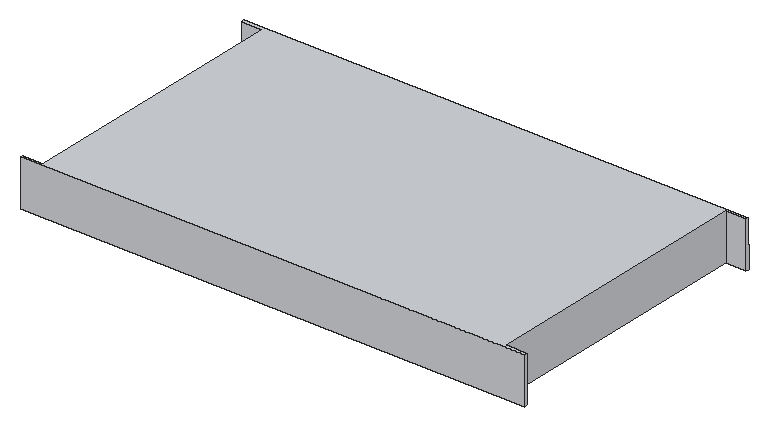
Revit family "DSP-01", category Electrical Equipment, host Face, Revit 2018
Family settings
  Host = Face
  Round Connector Dimension = Use Diameter
  Part Type = Other Panel
  OmniClass Number = 23.85.50.17
  OmniClass Title = Communication and Data Processing Equipment
  Cut with Voids When Loaded = No
  Shared = Yes
  Room Calculation Point = No
Parameters (values of type "DSP01")
  Width = 19.00"
  Voltage = "100-240VAC 50/60Hz"
  Power conditioners = Metal - Chief - Aluminum
  Model = "TESIRA F VT"
  Manufacturer = "BIAMP"
  Heigth = 1.75"
  Depht = 10.50"
  Default Elevation = 0.00"
Reference planes (in)
  plane 1 "Center (Front/Back)": y = 0
  plane 2: z = 0
  plane 3 "Center (Left/Right)": x = 0
  plane 4: z = 1.75
  plane 5 "Rigth": x = 9.5
  plane 6 "Left": x = -9.5
  plane 7: y = -5.25
  plane 8: y = 5.25
Forms (in)
  Extrusion 1, solid
    sketch origin (0, 0, 0) x (1, 0, 0) y (0, 0, 1)
      loop
        line (-9.5, 0) -> (9.5, 0) -> (9.5, 1.75) -> (-9.5, 1.75) -> (-9.5, 0)
    from -5.25 to 5.25
  Extrusion 2, void
    sketch origin (0, 5.25, 0) x (1, 0, 0) y (0, 0, 1)
      loop
        line (7.71776, 1.38491) -> (7.11702, 1.38491) -> (7.11702, 0.74516) -> (7.71776, 0.74516) -> (7.71776, 1.38491)
      loop
        line (6.0973, 0.80709) -> (5.41769, 0.80709) -> (5.41769, 0.25708) -> (6.0973, 0.25708) -> (6.0973, 0.80709)
      loop
        line (4.16981, 0.89201) -> (4.16981, 1.442) -> (3.46981, 1.442) -> (3.46981, 0.89201) -> (4.16981, 0.89201)
      loop
        line (2.95539, 0.37952) -> (2.95539, 0.65054) -> (2.49647, 0.65054) -> (2.49647, 0.37952) -> (2.95539, 0.37952)
      loop
        line (2.72502, 0.89689) -> (2.72502, 1.3469) -> (2.07501, 1.3469) -> (2.07501, 0.89689) -> (2.72502, 0.89689)
      loop
        line (1.90453, 0.262) -> (1.90453, 0.72544) -> (1.38847, 0.72544) -> (1.38847, 0.262) -> (1.90453, 0.262)
      loop
        line (1.77502, 1.3469) -> (1.12501, 1.3469) -> (1.12501, 0.89689) -> (1.77502, 0.89689) -> (1.77502, 1.3469)
      loop
        line (0.82501, 1.3469) -> (0.17501, 1.3469) -> (0.17501, 0.89689) -> (0.82501, 0.89689) -> (0.82501, 1.3469)
      loop
        line (-0.12499, 1.3469) -> (-0.77498, 1.3469) -> (-0.77498, 0.89689) -> (-0.12499, 0.89689) -> (-0.12499, 1.3469)
      loop
        line (0.15096, 0.55701) -> (-0.77904, 0.55701) -> (-0.77904, 0.257) -> (0.15096, 0.257) -> (0.15096, 0.55701)
      loop
        line (-1.07499, 0.7069) -> (-1.72498, 0.7069) -> (-1.72498, 0.257) -> (-1.07499, 0.257) -> (-1.07499, 0.7069)
      loop
        line (-1.07499, 1.3469) -> (-1.72498, 1.3469) -> (-1.72498, 0.89689) -> (-1.07499, 0.89689) -> (-1.07499, 1.3469)
      loop
        line (-2.02498, 1.3469) -> (-2.67499, 1.3469) -> (-2.67499, 0.89689) -> (-2.02498, 0.89689) -> (-2.02498, 1.3469)
      loop
        line (-2.02498, 0.7069) -> (-2.67499, 0.7069) -> (-2.67499, 0.257) -> (-2.02498, 0.257) -> (-2.02498, 0.7069)
      loop
        line (-2.97498, 1.3469) -> (-3.62499, 1.3469) -> (-3.62499, 0.89689) -> (-2.97498, 0.89689) -> (-2.97498, 1.3469)
      loop
        line (-2.97498, 0.7069) -> (-3.62499, 0.7069) -> (-3.62499, 0.257) -> (-2.97498, 0.257) -> (-2.97498, 0.7069)
      loop
        line (-3.92499, 1.3469) -> (-4.57499, 1.3469) -> (-4.57499, 0.89689) -> (-3.92499, 0.89689) -> (-3.92499, 1.3469)
      loop
        line (-3.92499, 0.7069) -> (-4.57499, 0.7069) -> (-4.57499, 0.257) -> (-3.92499, 0.257) -> (-3.92499, 0.7069)
      loop
        line (-4.87499, 1.3469) -> (-5.52499, 1.3469) -> (-5.52499, 0.89689) -> (-4.87499, 0.89689) -> (-4.87499, 1.3469)
      loop
        line (-4.87499, 0.7069) -> (-5.52499, 0.7069) -> (-5.52499, 0.257) -> (-4.87499, 0.257) -> (-4.87499, 0.7069)
      loop
        line (-5.82499, 1.3469) -> (-6.47498, 1.3469) -> (-6.47498, 0.89689) -> (-5.82499, 0.89689) -> (-5.82499, 1.3469)
      loop
        line (-5.82499, 0.7069) -> (-6.47498, 0.7069) -> (-6.47498, 0.257) -> (-5.82499, 0.257) -> (-5.82499, 0.7069)
      loop
        line (-6.77499, 0.7069) -> (-7.42499, 0.7069) -> (-7.42499, 0.257) -> (-6.77499, 0.257) -> (-6.77499, 0.7069)
      loop
        line (-6.77499, 1.3469) -> (-7.42499, 1.3469) -> (-7.42499, 0.89689) -> (-6.77499, 0.89689) -> (-6.77499, 1.3469)
      loop
        line (-7.72498, 1.3469) -> (-8.37499, 1.3469) -> (-8.37499, 0.89689) -> (-7.72498, 0.89689) -> (-7.72498, 1.3469)
      loop
        line (-7.72498, 0.7069) -> (-8.37499, 0.7069) -> (-8.37499, 0.257) -> (-7.72498, 0.257) -> (-7.72498, 0.7069)
    from 0 to 0.01
  Extrusion 3, void
    sketch origin (0, 5.25, 0) x (1, 0, 0) y (0, 0, 1)
      loop
        line (-9.5, 0) -> (-8.72797, 0) -> (-8.72797, 1.75) -> (-9.5, 1.75) -> (-9.5, 0)
    from 0.1 to 10.4
  Extrusion 4, void
    sketch origin (0, 5.25, 0) x (-1, 0, 0) y (0, 0, -1)
      loop
        line (-9.5, 0) -> (-9.5, -1.75) -> (-8.723, -1.75) -> (-8.723, 0) -> (-9.5, 0)
    from 0.1 to 10.4
Cuts and joins
  Extrusion 2, Extrusion 3, Extrusion 4 cuts Extrusion 1
Dimensions and locks (in)
  equal spacing: plane 6 "Left", plane 3 "Center (Left/Right)", plane 5 "Rigth"
  "Width": plane 6 "Left" to plane 5 "Rigth"
  equal spacing: plane 8, plane 1 "Center (Front/Back)", plane 7
  "Depht": plane 8 to plane 7
  "Heigth": level to plane 4
  aligned and locked: plane 2 to host face
  aligned and locked: level to host face
  aligned and locked: Extrusion 1 sketch curve to level
  aligned and locked: plane 6 "Left" to Extrusion 1 sketch curve
  aligned and locked: plane 4 to Extrusion 1 sketch curve
  aligned and locked: Extrusion 1 sketch curve to plane 5 "Rigth"
  aligned and locked: plane 8 to Extrusion 1
  aligned and locked: Extrusion 1 to plane 7
  aligned and locked: import instance to plane 5 "Rigth"
  aligned and locked: Extrusion 1 to import instance
  aligned and locked: import instance to plane 6 "Left"
Automatic sketch dimensions
  host sketch curve to host sketch curve = 96.00"  (x2)
  Extrusion 1 to Extrusion 2 sketch curve = 0.257"  (x9)
  Extrusion 1 to Extrusion 2 sketch curve = 1.12501"
  Extrusion 2 sketch curve to Extrusion 2 sketch curve = 0.00"  (x28)
  Extrusion 2 sketch curve to Extrusion 2 sketch curve = 0.65001"  (x2)
  Extrusion 2 sketch curve to Extrusion 2 sketch curve = 0.29999"  (x6)
  Extrusion 2 sketch curve to Extrusion 2 sketch curve = 0.65"  (x9)
  Extrusion 2 sketch curve to Extrusion 2 sketch curve = 0.30001"  (x4)
  Extrusion 2 sketch curve to Extrusion 2 sketch curve = 0.30"  (x4)
  Extrusion 2 sketch curve to Extrusion 2 sketch curve = 0.29595"
  Extrusion 2 sketch curve to Extrusion 2 sketch curve = 0.27595"
  Extrusion 1 to Extrusion 2 sketch curve = 0.262"
  Extrusion 2 sketch curve to Extrusion 2 sketch curve = 0.26345"
  Extrusion 2 sketch curve to Extrusion 2 sketch curve = 0.38655"
  Extrusion 2 sketch curve to Extrusion 2 sketch curve = 0.12951"
  Extrusion 2 sketch curve to Extrusion 2 sketch curve = 0.17048"
  Extrusion 2 sketch curve to Extrusion 2 sketch curve = 0.59194"
  Extrusion 2 sketch curve to Extrusion 2 sketch curve = 0.23037"
  Extrusion 1 to Extrusion 2 sketch curve = 0.308"
  Extrusion 2 sketch curve to Extrusion 2 sketch curve = 0.74479"
  Extrusion 2 sketch curve to Extrusion 2 sketch curve = 0.70"
  Extrusion 1 to Extrusion 2 sketch curve = 0.25708"
  Extrusion 2 sketch curve to Extrusion 2 sketch curve = 1.24788"
  Extrusion 2 sketch curve to Extrusion 2 sketch curve = 0.67961"
  Extrusion 2 sketch curve to Extrusion 2 sketch curve = 1.01972"
  Extrusion 2 sketch curve to Extrusion 2 sketch curve = 0.60074"
  Extrusion 1 to Extrusion 2 sketch curve = 0.37952"
  Extrusion 2 sketch curve to Extrusion 2 sketch curve = 0.27102"
  Extrusion 2 sketch curve to Extrusion 2 sketch curve = 0.4499"  (x3)
  Extrusion 2 sketch curve to Extrusion 2 sketch curve = 0.14989"
  Extrusion 2 sketch curve to Extrusion 2 sketch curve = 0.46343"
  Extrusion 1 to Extrusion 2 sketch curve = 0.74516"
  Extrusion 2 sketch curve to Extrusion 2 sketch curve = 0.55001"
  Extrusion 2 sketch curve to Extrusion 2 sketch curve = 0.54999"
  Extrusion 2 sketch curve to Extrusion 2 sketch curve = 0.33988"
  Extrusion 2 sketch curve to Extrusion 2 sketch curve = 0.19"  (x8)
  Extrusion 2 sketch curve to Extrusion 2 sketch curve = 0.24635"
  Extrusion 1 to Extrusion 2 sketch curve = 0.4031"  (x3)
  Extrusion 1 to Extrusion 2 sketch curve = 0.36509"
  Extrusion 3 sketch curve to Extrusion 1 = 0.00"  (x3)
  Extrusion 1 to Extrusion 3 sketch curve = 0.77203"
  Extrusion 4 sketch curve to Extrusion 1 = 0.00"  (x3)
  Extrusion 1 to Extrusion 4 sketch curve = 0.777"
Connectors (in)
  electrical at (7.41739, 5.25, 1.06504)
    settings: on cut or joined group of Extrusion 1, Extrusion 2, Extrusion 3, Extrusion 4, index 1, voltage 110 V, apparent load 0 VA, apparent load phase1 0 VA, apparent load phase2 0 VA, apparent load phase3 0 VA, power factor 1, load classification "Other", number of poles 1, system type 31, power factor state 1, is connector primary yes, connector utility no, sub classification motor no, connector description ""
  electrical at (5.7575, 5.25, 0.53208)
    settings: on cut or joined group of Extrusion 1, Extrusion 2, Extrusion 3, Extrusion 4, index 2, voltage 0 V, apparent load 0 VA, apparent load phase1 0 VA, apparent load phase2 0 VA, apparent load phase3 0 VA, power factor 1, load classification "Other", number of poles 1, system type 5, power factor state 1, is connector primary no, connector utility no, sub classification motor no, connector description "CONTROL"
  electrical at (3.81981, 5.25, 1.16701)
    settings: on cut or joined group of Extrusion 1, Extrusion 2, Extrusion 3, Extrusion 4, index 3, voltage 0 V, apparent load 0 VA, apparent load phase1 0 VA, apparent load phase2 0 VA, apparent load phase3 0 VA, power factor 1, load classification "Other", number of poles 1, system type 5, power factor state 1, is connector primary no, connector utility no, sub classification motor no, connector description "VoIP"
  electrical at (2.40001, 5.25, 1.12189)
    settings: on cut or joined group of Extrusion 1, Extrusion 2, Extrusion 3, Extrusion 4, index 4, voltage 0 V, apparent load 0 VA, apparent load phase1 0 VA, apparent load phase2 0 VA, apparent load phase3 0 VA, power factor 1, load classification "Other", number of poles 1, system type 14, power factor state 1, is connector primary no, connector utility no, sub classification motor no, connector description "INPUT 12"
  electrical at (1.45002, 5.25, 1.12189)
    settings: on cut or joined group of Extrusion 1, Extrusion 2, Extrusion 3, Extrusion 4, index 5, voltage 0 V, apparent load 0 VA, apparent load phase1 0 VA, apparent load phase2 0 VA, apparent load phase3 0 VA, power factor 1, load classification "Other", number of poles 1, system type 14, power factor state 1, is connector primary no, connector utility no, sub classification motor no, connector description "INPUT 11"
  electrical at (0.50001, 5.25, 1.12189)
    settings: on cut or joined group of Extrusion 1, Extrusion 2, Extrusion 3, Extrusion 4, index 6, voltage 0 V, apparent load 0 VA, apparent load phase1 0 VA, apparent load phase2 0 VA, apparent load phase3 0 VA, power factor 1, load classification "Other", number of poles 1, system type 14, power factor state 1, is connector primary no, connector utility no, sub classification motor no, connector description "INPUT 10"
  electrical at (-0.44999, 5.25, 1.12189)
    settings: on cut or joined group of Extrusion 1, Extrusion 2, Extrusion 3, Extrusion 4, index 7, voltage 0 V, apparent load 0 VA, apparent load phase1 0 VA, apparent load phase2 0 VA, apparent load phase3 0 VA, power factor 1, load classification "Other", number of poles 1, system type 14, power factor state 1, is connector primary no, connector utility no, sub classification motor no, connector description "INPUT 09"
  electrical at (-1.39998, 5.25, 1.12189)
    settings: on cut or joined group of Extrusion 1, Extrusion 2, Extrusion 3, Extrusion 4, index 8, voltage 0 V, apparent load 0 VA, apparent load phase1 0 VA, apparent load phase2 0 VA, apparent load phase3 0 VA, power factor 1, load classification "Other", number of poles 1, system type 14, power factor state 1, is connector primary no, connector utility no, sub classification motor no, connector description "INPUT 08"
  electrical at (-2.34999, 5.25, 1.12189)
    settings: on cut or joined group of Extrusion 1, Extrusion 2, Extrusion 3, Extrusion 4, index 9, voltage 0 V, apparent load 0 VA, apparent load phase1 0 VA, apparent load phase2 0 VA, apparent load phase3 0 VA, power factor 1, load classification "Other", number of poles 1, system type 14, power factor state 1, is connector primary no, connector utility no, sub classification motor no, connector description "INPUT 07"
  electrical at (-3.29999, 5.25, 1.12189)
    settings: on cut or joined group of Extrusion 1, Extrusion 2, Extrusion 3, Extrusion 4, index 10, voltage 0 V, apparent load 0 VA, apparent load phase1 0 VA, apparent load phase2 0 VA, apparent load phase3 0 VA, power factor 1, load classification "Other", number of poles 1, system type 14, power factor state 1, is connector primary no, connector utility no, sub classification motor no, connector description "INPUT 06"
  electrical at (-4.24999, 5.25, 1.12189)
    settings: on cut or joined group of Extrusion 1, Extrusion 2, Extrusion 3, Extrusion 4, index 11, voltage 0 V, apparent load 0 VA, apparent load phase1 0 VA, apparent load phase2 0 VA, apparent load phase3 0 VA, power factor 1, load classification "Other", number of poles 1, system type 14, power factor state 1, is connector primary no, connector utility no, sub classification motor no, connector description "INPUT 05"
  electrical at (-5.19999, 5.25, 1.12189)
    settings: on cut or joined group of Extrusion 1, Extrusion 2, Extrusion 3, Extrusion 4, index 12, voltage 0 V, apparent load 0 VA, apparent load phase1 0 VA, apparent load phase2 0 VA, apparent load phase3 0 VA, power factor 1, load classification "Other", number of poles 1, system type 14, power factor state 1, is connector primary no, connector utility no, sub classification motor no, connector description "INPUT 04"
  electrical at (-6.14998, 5.25, 1.12189)
    settings: on cut or joined group of Extrusion 1, Extrusion 2, Extrusion 3, Extrusion 4, index 13, voltage 0 V, apparent load 0 VA, apparent load phase1 0 VA, apparent load phase2 0 VA, apparent load phase3 0 VA, power factor 1, load classification "Other", number of poles 1, system type 14, power factor state 1, is connector primary no, connector utility no, sub classification motor no, connector description "INPUT 03"
  electrical at (-7.09999, 5.25, 1.12189)
    settings: on cut or joined group of Extrusion 1, Extrusion 2, Extrusion 3, Extrusion 4, index 14, voltage 0 V, apparent load 0 VA, apparent load phase1 0 VA, apparent load phase2 0 VA, apparent load phase3 0 VA, power factor 1, load classification "Other", number of poles 1, system type 14, power factor state 1, is connector primary no, connector utility no, sub classification motor no, connector description "INPUT 02"
  electrical at (-8.04999, 5.25, 1.12189)
    settings: on cut or joined group of Extrusion 1, Extrusion 2, Extrusion 3, Extrusion 4, index 15, voltage 0 V, apparent load 0 VA, apparent load phase1 0 VA, apparent load phase2 0 VA, apparent load phase3 0 VA, power factor 1, load classification "Other", number of poles 1, system type 14, power factor state 1, is connector primary no, connector utility no, sub classification motor no, connector description "INPUT 01"
  electrical at (-8.04999, 5.25, 0.48195)
    settings: on cut or joined group of Extrusion 1, Extrusion 2, Extrusion 3, Extrusion 4, index 16, voltage 0 V, apparent load 0 VA, apparent load phase1 0 VA, apparent load phase2 0 VA, apparent load phase3 0 VA, power factor 1, load classification "Other", number of poles 1, system type 14, power factor state 1, is connector primary no, connector utility no, sub classification motor no, connector description "OUTPUT 01"
  electrical at (-7.09999, 5.25, 0.48195)
    settings: on cut or joined group of Extrusion 1, Extrusion 2, Extrusion 3, Extrusion 4, index 17, voltage 0 V, apparent load 0 VA, apparent load phase1 0 VA, apparent load phase2 0 VA, apparent load phase3 0 VA, power factor 1, load classification "Other", number of poles 1, system type 14, power factor state 1, is connector primary no, connector utility no, sub classification motor no, connector description "OUTPUT 02"
  electrical at (-6.14998, 5.25, 0.48195)
    settings: on cut or joined group of Extrusion 1, Extrusion 2, Extrusion 3, Extrusion 4, index 18, voltage 0 V, apparent load 0 VA, apparent load phase1 0 VA, apparent load phase2 0 VA, apparent load phase3 0 VA, power factor 1, load classification "Other", number of poles 1, system type 14, power factor state 1, is connector primary no, connector utility no, sub classification motor no, connector description "OUTPUT 03"
  electrical at (-5.19999, 5.25, 0.48195)
    settings: on cut or joined group of Extrusion 1, Extrusion 2, Extrusion 3, Extrusion 4, index 19, voltage 0 V, apparent load 0 VA, apparent load phase1 0 VA, apparent load phase2 0 VA, apparent load phase3 0 VA, power factor 1, load classification "Other", number of poles 1, system type 14, power factor state 1, is connector primary no, connector utility no, sub classification motor no, connector description "OUTPUT 04"
  electrical at (-4.24999, 5.25, 0.48195)
    settings: on cut or joined group of Extrusion 1, Extrusion 2, Extrusion 3, Extrusion 4, index 20, voltage 0 V, apparent load 0 VA, apparent load phase1 0 VA, apparent load phase2 0 VA, apparent load phase3 0 VA, power factor 1, load classification "Other", number of poles 1, system type 14, power factor state 1, is connector primary no, connector utility no, sub classification motor no, connector description "OUTPUT 05"
  electrical at (-3.29999, 5.25, 0.48195)
    settings: on cut or joined group of Extrusion 1, Extrusion 2, Extrusion 3, Extrusion 4, index 21, voltage 0 V, apparent load 0 VA, apparent load phase1 0 VA, apparent load phase2 0 VA, apparent load phase3 0 VA, power factor 1, load classification "Other", number of poles 1, system type 14, power factor state 1, is connector primary no, connector utility no, sub classification motor no, connector description "OUTPUT 06"
  electrical at (-2.34999, 5.25, 0.48195)
    settings: on cut or joined group of Extrusion 1, Extrusion 2, Extrusion 3, Extrusion 4, index 22, voltage 0 V, apparent load 0 VA, apparent load phase1 0 VA, apparent load phase2 0 VA, apparent load phase3 0 VA, power factor 1, load classification "Other", number of poles 1, system type 14, power factor state 1, is connector primary no, connector utility no, sub classification motor no, connector description "OUTPUT 07"
  electrical at (-1.39998, 5.25, 0.48195)
    settings: on cut or joined group of Extrusion 1, Extrusion 2, Extrusion 3, Extrusion 4, index 23, voltage 0 V, apparent load 0 VA, apparent load phase1 0 VA, apparent load phase2 0 VA, apparent load phase3 0 VA, power factor 1, load classification "Other", number of poles 1, system type 14, power factor state 1, is connector primary no, connector utility no, sub classification motor no, connector description "OUTPUT 08"
  electrical at (2.72593, 5.25, 0.51503)
    settings: on cut or joined group of Extrusion 1, Extrusion 2, Extrusion 3, Extrusion 4, index 24, voltage 0 V, apparent load 0 VA, apparent load phase1 0 VA, apparent load phase2 0 VA, apparent load phase3 0 VA, power factor 1, load classification "Other", number of poles 1, system type 13, power factor state 1, is connector primary no, connector utility no, sub classification motor no, connector description "RS232"
  electrical at (1.6465, 5.25, 0.49372)
    settings: on cut or joined group of Extrusion 1, Extrusion 2, Extrusion 3, Extrusion 4, index 25, voltage 0 V, apparent load 0 VA, apparent load phase1 0 VA, apparent load phase2 0 VA, apparent load phase3 0 VA, power factor 1, load classification "Other", number of poles 1, system type 5, power factor state 1, is connector primary no, connector utility no, sub classification motor no, connector description "USB"
  electrical at (-0.31404, 5.25, 0.407)
    settings: on cut or joined group of Extrusion 1, Extrusion 2, Extrusion 3, Extrusion 4, index 26, voltage 0 V, apparent load 0 VA, apparent load phase1 0 VA, apparent load phase2 0 VA, apparent load phase3 0 VA, power factor 1, load classification "Other", number of poles 1, system type 13, power factor state 1, is connector primary no, connector utility no, sub classification motor no, connector description "LOGIC I/O"
